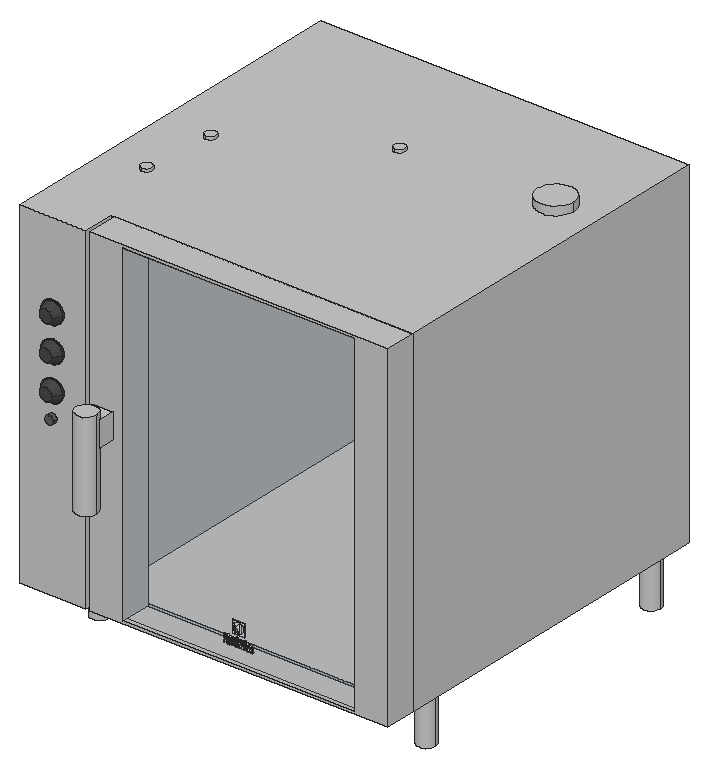
Revit family "QF_ELECTROLUXPROFESSIONAL_260695_EFCE11CSCS", category Attrezzature speciali, Revit 2018
Family settings
  Quota connettore circolare = Usa diametro
  Tipo di parte = Normale
  Basato su piano di lavoro = No
  Sempre verticale = Sì
  Taglio con vuoti quando caricato = No
  Condiviso = No
  Punto di calcolo locali = No
Parameters (values of type "Standard")
  Weight = 121.20 kg
  Watts = 17300 W
  Volts = 230 V
  URL Manufacturer = "https://www.electroluxprofessional.com/"
  URL = "https://www.electroluxprofessional.com/"
  Steam Supply Size = 0 mm
  Steam Supply Minimum Pressure = 0.0 Pa
  Steam Supply Maximum Pressure = 0.0 Pa
  Steam Consumption per Hour = 0
  Show Logo [instance] = yes
  Show Clearance [instance] = yes
  Refrigeration Suction Line Size = 0 mm
  Refrigeration Liquid Line Size = 0 mm
  Refrigerant Compressor Remote = yes
  Produttore = "Electrolux Professional"
  Phase = 3
  Modello = "EFCE11CSCS"
  Length Actual = 890 mm  # constant formula
  Item Number = "260695"
  Hot Water Size = 0 mm
  Height Actual = 970 mm  # constant formula
  HP = "23.2 HP"
  Gas Size = 0 mm
  Gas KW = 0
  Gas Input Pressure = 0 W
  Direct Waste Size = 25 mm
  Descrizione = "CONVECTION OVEN CW 10 GN 1/1 - ELECTRIC - 230V"
  Depth Actual = 900 mm  # constant formula
  Cycle = 50 Hz
  Condensate Return Size = 0 mm
  Compressed Air Volume = 0.0 L/s
  Compressed Air Size = 0 mm
  Compressed Air Pressure = 0.0 Pa
  Cold Water Size = 19.05 mm
  Accessory = yes
Types (2, lengths in mm): name | URL | Produttore | Phase | Modello | Direct Waste Size | Descrizione | Cold Water Size
  (no name) | 0 | 0 | 0 | 0 | 0 | 0 | 0
  Standard | "https://www.electroluxprofessional.com/" | "Electrolux Professional" | 3 | "EFCE11CSCS" | 25 | "CONVECTION OVEN CW 10 GN 1/1 - ELECTRIC - 230V" | 19.05
Values of the unnamed type that differ from the named types
  Weight = 0.00 kg
  Watts = 0 W
  Volts = 0 V
  URL Manufacturer = ""
  Item Number = ""
  HP = ""
  Cycle = 0 Hz
Reference planes
  plane 1 "Center X": y = 24.851
  plane 2: z = 0
  plane 3 "Center Y": x = -315
  plane 4 "LEFT": x = -760
  plane 5 "BACK": y = 479.851
  plane 6 "RIGHT": x = 130
  plane 7 "FRONT": y = -430.149
  plane 8: x = -710
  plane 9: y = 421.851
  plane 10: y = -355.149
  plane 11: x = 80
  plane 12: y = -1111.149
  plane 13: z = 130
  plane 14 "Center Z": z = 950
  plane 15: z = 0
Forms (mm)
  Extrusion 1, solid, material "QF_Finishes_Stainless Steel"
    sketch origin (0, 0, 950) x (-1, 0, 0) y (0, -1, 0)
      loop
        line (760, -479.851) -> (760, 430.149) -> (600, 430.149) -> (600, 355.149) -> (-130, 355.149) -> (-130, -479.851) -> (760, -479.851)
    from 0 to -820
  Extrusion 2, solid, material "QF_Finishes_Stainless Steel"
    sketch origin (0, -430.149, -670) x (-1, 0, 0) y (0, 0, 1)
      loop
        line (590, 1620) -> (-130, 1620) -> (-130, 800) -> (590, 800) -> (590, 1620)
      loop
        line (510, 1615) -> (-50, 1615) -> (-50, 805) -> (510, 805) -> (510, 1615)
    from 0 to 75
  Extrusion 3, solid, material "QF_Finishes_Glass"
    sketch origin (0, -430.149, -670) x (-1, 0, 0) y (0, 0, 1)
      loop
        line (-50, 1615) -> (-50, 805) -> (510, 805) -> (510, 1615) -> (-50, 1615)
    from 0 to 9.69
  Extrusion 4, solid, material "QF_Finishes_Stainless Steel"
    sketch origin (-1, -265, 955) x (0, -1, 0) y (-1, 0, 0)
      loop
        circle (-265.851, 643) r 13.25
    from 0 to 5
  Extrusion 5, solid, material "QF_Door-Drawer Clearances", visible <- "Show Clearance", detail levels coarse
    sketch origin (0, 0, 950) x (-1, 0, 0) y (0, -1, 0)
      loop
        arc (590, 430.149) -> (362.228, 910.45) -> (-130, 1111.149) r 734.22
        line (-130, 1111.149) -> (-130, 430.149) -> (590, 430.149)
    from -820 to 0
  Extrusion 6, solid, material "QF_Finishes_Black"
    sketch origin (24, -430.149, -766.676) x (-1, 0, 0) y (0, 0, 1)
      loop
        circle (704, 1512.5) r 26.676
    from 0 to -3
  Blend 7, solid, material "QF_Finishes_Black"
    base sketch origin (-21, -430.149, -766.676) x (1, 0, 0) y (0, 0, 1)
      loop
        circle (-659, 1512.5) r 25
    top sketch origin (-21, -430.149, -766.676) x (1, 0, 0) y (0, 0, 1)
      loop
        circle (-659, 1512.5) r 15
    from 3 to 21.442
  Extrusion 8, solid, material "QF_Finishes_Black"
    sketch origin (24, -430.149, -851.676) x (-1, 0, 0) y (0, 0, 1)
      loop
        circle (704, 1512.5) r 26.676
    from 0 to -3
  Blend 9, solid, material "QF_Finishes_Black"
    base sketch origin (-21, -430.149, -851.676) x (1, 0, 0) y (0, 0, 1)
      loop
        circle (-659, 1512.5) r 25
    top sketch origin (-21, -430.149, -851.676) x (1, 0, 0) y (0, 0, 1)
      loop
        circle (-659, 1512.5) r 15
    from 3 to 21.442
  Extrusion 10, solid, material "QF_Finishes_Black"
    sketch origin (24, -430.149, -936.676) x (-1, 0, 0) y (0, 0, 1)
      loop
        circle (704, 1512.5) r 26.676
    from 0 to -3
  Blend 11, solid, material "QF_Finishes_Black"
    base sketch origin (-21, -430.149, -936.676) x (1, 0, 0) y (0, 0, 1)
      loop
        circle (-659, 1512.5) r 25
    top sketch origin (-21, -430.149, -936.676) x (1, 0, 0) y (0, 0, 1)
      loop
        circle (-659, 1512.5) r 15
    from 3 to 21.442
  Extrusion 12, solid, material "QF_Finishes_Stainless Steel"
    sketch origin (-18, -437, 955) x (0, -1, 0) y (-1, 0, 0)
      loop
        circle (-265.851, 643) r 13.25
    from 0 to 5
  Extrusion 13, solid, material "QF_Finishes_Stainless Steel"
    sketch origin (309, -81, 955) x (0, -1, 0) y (-1, 0, 0)
      loop
        circle (-265.851, 643) r 13.25
    from 0 to 5
  Extrusion 14, solid, material "QF_Finishes_Stainless Steel"
    sketch origin (0, 0, 575) x (-1, 0, 0) y (0, -1, 0)
      loop
        circle (559.299, 480.149) r 25
    from -193.655 to 20
  Extrusion 15, solid, material "QF_Finishes_Stainless Steel"
    sketch origin (0, 0, 575) x (-1, 0, 0) y (0, -1, 0)
      loop
        line (534.299, 480.149) -> (534.299, 430.149) -> (584.299, 430.149) -> (584.299, 480.149)
        arc (584.299, 480.149) -> (559.299, 455.149) -> (534.299, 480.149) r 25
    from -55.026 to 5
  Extrusion 16, solid, material "QF_Finishes_Dark_Gray"
    sketch origin (25, -480.149, -725) x (-1, 0, 0) y (0, 0, 1)
      loop
        circle (705.941, 1240.523) r 10
    from 40 to 50
  Extrusion 17, solid, material "QF_Finishes_Stainless Steel"
    sketch origin (67.965, -53.34, 950) x (-1, 0, 0) y (0, -1, 0)
      loop
        circle (37.965, -256.191) r 43
    from 0 to 20
  Extrusion 18, void
    sketch origin (-600, -680.149, 1750) x (-1, 0, 0) y (0, 0, 1)
      loop
        line (0, -818.82) -> (-650, -818.82) -> (-650, -1610) -> (0, -1610) -> (0, -818.82)
    from 325 to 1102
Cuts and joins
  Extrusion 18 cuts Extrusion 1
Lines and regions (mm)
  Split face 1
    outline origin (-760, -430.149, 950) x (0, 0, -1) y (1, 0, 0)
      loop
        line (5, 15) -> (815, 15) -> (815, 145) -> (5, 145) -> (5, 15)
  Split face 2
    outline origin (-776.25, -430.149, 941.25) x (0, 0, -1) y (1, 0, 0)
      loop
        line (447.5, 78.5) -> (463.75, 78.5) -> (463.75, 113.5) -> (447.5, 113.5) -> (447.5, 78.5)
  Split face 3
    outline origin (30, -430.149, 135) x (1, 0, 0) y (0, 0, 1)
      loop
        line (-526.223, 92.039) -> (-375, 92.039) -> (-346.716, 120.323) -> (-260, 120.323) -> (-173.284, 120.323) -> (-145, 92.039) -> (6.223, 92.039) -> (6.223, 732.039) -> (-526.223, 732.039) -> (-526.223, 92.039)
  Split face 4
    outline origin (-760, -430.149, 950) x (0, 0, -1) y (1, 0, 0)
      loop
        line (770, 15) -> (770, 145)
  Split face 5
    outline origin (-640, -430.149, 950) x (-1, 0, 0) y (0, 0, -1)
      loop
        line (105, 50) -> (-25, 50)
  symbolic lines
    curve 1: line (-760, -430.149, 1620) -> (-760, 479.851, 1620)
    curve 2: line (-760, 479.851, 1620) -> (130, 479.851, 1620)
    curve 3: line (-600, -355.149, 1620) -> (130, -355.149, 1620)
    curve 4: line (-600, -355.149, 1620) -> (-600, -430.149, 1620)
    curve 5: line (-760, -430.149, 1620) -> (130, -430.149, 1620)
    curve 6: line (-706.676, -433.149, 1620) -> (-653.324, -433.149, 1620)
    curve 7: line (-695, -451.591, 1620) -> (-665, -451.591, 1620)
    curve 8: line (-706.676, -433.149, 1620) -> (-706.676, -430.149, 1620)
    curve 9: line (-653.324, -433.149, 1620) -> (-653.324, -430.149, 1620)
    curve 10: line (-695, -451.591, 1620) -> (-705, -433.149, 1620)
    curve 11: line (-665, -451.591, 1620) -> (-655.006, -433.149, 1620)
    curve 12: line (130, 479.851, 1620) -> (130, -430.149, 1620)
    curve 15: arc (-534.299, -480.149, 1620) -> (-559.299, -455.149, 1620) -> (-584.299, -480.149, 1620) r 25
    curve 16: arc (-584.299, -480.149, 1620) -> (-559.299, -505.149, 1620) -> (-534.299, -480.149, 1620) r 25
    curve 17: line (-534.299, -480.149, 1620) -> (-534.299, -430.149, 1620)
    curve 18: line (-584.299, -430.149, 1620) -> (-584.299, -480.149, 1620)
    curve 19: arc (73, 202.851, 1620) -> (30, 245.851, 1620) -> (-13, 202.851, 1620) r 43
    curve 20: arc (-13, 202.851, 1620) -> (30, 159.851, 1620) -> (73, 202.851, 1620) r 43
  symbolic lines, style "QF_Door-Drawer Clearances"
    curve 13: line (130, -1111.149, 1620) -> (130, -430.149, 1620)
    curve 14: arc (-590, -430.149, 1620) -> (-362.228, -910.45, 1620) -> (130, -1111.149, 1620) r 734.22
Dimensions and locks
  equal spacing: plane 4 "LEFT", plane 3 "Center Y", plane 6 "RIGHT"
  plane 4 "LEFT" to plane 6 "RIGHT" = 890 mm
  plane 5 "BACK" to plane 7 "FRONT" = 910 mm
  equal spacing: plane 5 "BACK", plane 1 "Center X", plane 7 "FRONT"
  plane 5 "BACK" to plane 12 = 1591 mm
  plane 13 to plane 15 = 130 mm
  plane 14 "Center Z" to plane 13 = 820 mm
  plane 14 "Center Z" to plane 15 = 950 mm
  aligned and locked: level to plane 2
  aligned and locked: plane 13 to nested 1
  aligned and locked: plane 13 to nested 2
  aligned and locked: plane 13 to nested 4
  aligned and locked: plane 13 to nested 3
  aligned and locked: Extrusion 1 to plane 13
  aligned and locked: Blend 7 to Extrusion 6
  aligned and locked: Blend 9 to Extrusion 8
  aligned and locked: Blend 11 to Extrusion 10
Automatic sketch dimensions
  curve 15 to curve 16 = 0 mm  (x2)
  curve 19 to curve 20 = 0 mm  (x2)
  curve 14 to plane 6 "RIGHT" = 0 mm
  curve 17 to plane 7 "FRONT" = 0 mm
  curve 4 to plane 10 = 0 mm
  curve 1 to plane 4 "LEFT" = 0 mm
  curve 1 to plane 5 "BACK" = 0 mm
  curve 13 to plane 12 = 0 mm
  plane 6 "RIGHT" to curve 14 = 12.296 mm
  curve 20 to plane 11 = 50 mm
  curve 17 to plane 7 "FRONT" = 50 mm
  plane 8 to curve 17 = 175.701 mm
  curve 15 to curve 16 = 25 mm
  curve 18 to curve 4 = 15.701 mm
  curve 9 to plane 7 "FRONT" = 3 mm
  curve 4 to curve 9 = 53.324 mm
  curve 6 to curve 7 = 11.676 mm
  plane 8 to curve 7 = 15 mm
  plane 8 to curve 8 = 3.324 mm
  curve 20 to plane 1 "Center X" = 178 mm
  curve 14 to plane 10 = 21.883 mm
  curve 10 to curve 10 = 18.442 mm
  curve 19 to plane 11 = 7 mm
  curve 6 to curve 11 = 1.682 mm
  curve 10 to curve 6 = 1.676 mm
  Extrusion 1 sketch curve to plane 5 "BACK" = 0 mm
  Extrusion 1 sketch curve to plane 6 "RIGHT" = 0 mm
  Extrusion 1 sketch curve to plane 10 = 0 mm
  Extrusion 1 sketch curve to plane 7 "FRONT" = 0 mm
  Extrusion 1 sketch curve to plane 4 "LEFT" = 0 mm
  plane 8 to Extrusion 1 sketch curve = 110 mm
  Extrusion 2 sketch curve to plane 6 "RIGHT" = 0 mm
  Extrusion 2 sketch curve to plane 13 = 0 mm
  Extrusion 2 sketch curve to plane 14 "Center Z" = 0 mm
  plane 13 to Extrusion 2 sketch curve = 5 mm
  Extrusion 2 sketch curve to plane 11 = 30 mm
  Extrusion 2 sketch curve to plane 14 "Center Z" = 5 mm
  Extrusion 2 sketch curve to plane 3 "Center Y" = 195 mm
  Extrusion 2 sketch curve to Extrusion 2 sketch curve = 80 mm
  plane 13 to Extrusion 3 sketch curve = 5 mm
  Extrusion 3 sketch curve to plane 11 = 30 mm
  Extrusion 3 sketch curve to plane 3 "Center Y" = 195 mm  (x2)
  Extrusion 3 sketch curve to plane 14 "Center Z" = 5 mm
  plane 1 "Center X" to Extrusion 4 sketch curve = 24 mm
  plane 8 to Extrusion 4 sketch curve = 66 mm
  Extrusion 5 sketch curve to plane 6 "RIGHT" = 0 mm
  Extrusion 5 sketch curve to plane 7 "FRONT" = 0 mm
  Extrusion 5 sketch curve to plane 12 = 0 mm
  plane 6 "RIGHT" to Extrusion 5 sketch curve = 12.296 mm
  plane 8 to Extrusion 5 sketch curve = 120 mm
  Split face 1 sketch curve to Extrusion 1 = 5 mm  (x2)
  Split face 1 sketch curve to Extrusion 1 = 15 mm  (x2)
  plane 8 to Extrusion 6 sketch curve = 30 mm
  Extrusion 2 to Blend 7 sketch curve = 90 mm  (x2)
  Extrusion 2 to Blend 7 sketch curve = 199.176 mm  (x2)
  plane 8 to Extrusion 8 sketch curve = 30 mm
  Extrusion 2 to Blend 9 sketch curve = 90 mm  (x2)
  Extrusion 2 to Blend 9 sketch curve = 284.176 mm  (x2)
  plane 8 to Extrusion 10 sketch curve = 30 mm
  Extrusion 2 to Blend 11 sketch curve = 90 mm  (x2)
  Extrusion 2 to Blend 11 sketch curve = 369.176 mm  (x2)
  Split face 2 sketch curve to Extrusion 1 = 62.75 mm
  Split face 2 sketch curve to Extrusion 1 = 363.75 mm
  Split face 2 sketch curve to Split face 2 sketch curve = 16.25 mm
  Split face 2 sketch curve to Split face 2 sketch curve = 35 mm
  plane 8 to Extrusion 12 sketch curve = 49 mm
  plane 10 to Extrusion 12 sketch curve = 184 mm
  Extrusion 13 sketch curve to plane 3 "Center Y" = 19 mm
  Extrusion 13 sketch curve to plane 1 "Center X" = 160 mm
  Extrusion 14 sketch curve to plane 7 "FRONT" = 50 mm
  plane 8 to Extrusion 14 sketch curve = 150.701 mm
  Extrusion 15 sketch curve to plane 7 "FRONT" = 0 mm
  plane 8 to Extrusion 15 sketch curve = 175.701 mm
  Extrusion 15 sketch curve to Extrusion 15 sketch curve = 25 mm
  Extrusion 15 sketch curve to plane 7 "FRONT" = 50 mm
  Split face 3 sketch curve to Extrusion 3 = 13.777 mm  (x2)
  Split face 3 sketch curve to Split face 3 sketch curve = 151.223 mm
  Split face 3 sketch curve to Split face 3 sketch curve = 28.284 mm  (x3)
  Split face 3 sketch curve to Split face 3 sketch curve = 86.716 mm  (x2)
  Split face 3 sketch curve to Extrusion 3 = 92.039 mm  (x2)
  Split face 3 sketch curve to Extrusion 3 = 77.961 mm
  Split face 4 sketch curve to Extrusion 1 = 15 mm  (x2)
  Split face 4 sketch curve to Extrusion 1 = 50 mm
  plane 8 to Extrusion 16 sketch curve = 29.059 mm
  Extrusion 17 sketch curve to plane 11 = 50 mm
  Extrusion 17 sketch curve to plane 1 "Center X" = 178 mm
  Split face 5 sketch curve to Extrusion 1 = 15 mm  (x2)
  Split face 5 sketch curve to Extrusion 1 = 50 mm
  Extrusion 6 sketch curve to plane 14 "Center Z" = 204.176 mm
  Extrusion 8 sketch curve to plane 14 "Center Z" = 289.176 mm
  Extrusion 10 sketch curve to plane 14 "Center Z" = 374.176 mm
  plane 13 to Extrusion 16 sketch curve = 385.523 mm
  Extrusion 18 sketch curve to plane 11 = 30 mm
  plane 13 to Extrusion 18 sketch curve = 10 mm
  plane 8 to Extrusion 18 sketch curve = 110 mm
  Extrusion 18 sketch curve to plane 14 "Center Z" = 18.82 mm
  radius of Extrusion 4 sketch curve = 13.25 mm
  radius of Extrusion 6 sketch curve = 26.676 mm
  radius of Blend 7 sketch curve = 25 mm
  radius of Blend 7 sketch curve = 15 mm
  radius of Extrusion 8 sketch curve = 26.676 mm
  radius of Blend 9 sketch curve = 25 mm
  radius of Blend 9 sketch curve = 15 mm
  radius of Extrusion 10 sketch curve = 26.676 mm
  radius of Blend 11 sketch curve = 25 mm
  radius of Blend 11 sketch curve = 15 mm
  radius of Extrusion 12 sketch curve = 13.25 mm
  radius of Extrusion 13 sketch curve = 13.25 mm
  radius of Extrusion 14 sketch curve = 25 mm
  radius of Extrusion 16 sketch curve = 10 mm
  radius of Extrusion 17 sketch curve = 43 mm
Nested families
  nested 1: "Foot" at (-710, -250.149, 0), type "Foot"
    with Ø 22 mm, H 130 mm
  nested 2: "Foot" at (80, -250.149, 0), type "Foot"
    with Ø 22 mm, H 130 mm
  nested 3: "Foot" at (80, 429.851, 0), type "Foot"
    with Ø 22 mm, H 130 mm
  nested 4: "Foot" at (-710, 429.851, 0), type "Foot"
    with Ø 22 mm, H 130 mm
  nested 5: "ELX_Pro_Logo" at (-230, -430.149, 201.012) x (1, 0, 0) z (0, -1, 0), type "ELX_Pro_Logo"
Connectors
  piping at (-334, 184.851, 955), diameter 26.4
    settings: on Extrusion 13, index 6, connector inside diameter 609.6 mm, connector length 0 mm, flow factor 0, pipe flow 0.0 L/s, pressure drop 0.0 Pa, fitting loss kfactor 0, connector angle 0.00°, fixture units 0, engagement length 0 mm, angle of deflection 0.00°, flow configuration 0, flow direction 0, fitting loss method 0, system type 16, joint type 0, gender type 0, connector reference index -1, connector utility 0, adjustable connector no, is connector primary yes, connector description ""
  electrical at (-661, -171.149, 955)
    settings: on Extrusion 12, index 7, voltage 0 V, apparent load 0 VA, apparent load phase1 0 VA, apparent load phase2 0 VA, apparent load phase3 0 VA, power factor 1, load classification "Altro", number of poles 1, system type 30, power factor state 1, is connector primary yes, connector utility no, sub classification motor no, connector description ""
  piping at (-644, 0.851, 955), diameter 19.05, driven by "Cold Water Size"
    settings: on Extrusion 4, index 8, connector inside diameter 609.6 mm, connector length 0 mm, flow factor 0, pipe flow 0.0 L/s, pressure drop 0.0 Pa, fitting loss kfactor 0, connector angle 0.00°, fixture units 0, engagement length 0 mm, angle of deflection 0.00°, flow configuration 0, flow direction 0, fitting loss method 0, system type 20, joint type 0, gender type 0, connector reference index -1, connector utility 0, adjustable connector no, is connector primary no, connector description "Cold Water Inlet"
Definition of nested family "Foot"
  Parameters
    Ø [instance] = 20 mm
    H [instance] = 50 mm
  Reference planes
    plane 1 "Centro (Fronte/Retro)": y = 0
    plane 2: z = 0
    plane 3 "Centro (Sinistra/Destra)": x = 0
    plane 4: z = 50
  Forms (mm)
    Revolve 1, solid
      sketch origin (255.05, 0, 608.09) x (0, 0, 1) y (-1, 0, 0)
        loop
          line (-608.09, 255.05) -> (-608.09, 235.05) -> (-558.09, 235.05) -> (-558.09, 255.05) -> (-608.09, 255.05)
        axis (-608.09, 255.05) -> (-558.09, 255.05)
      angle from 0 to 360
  Dimensions and locks
    "H": plane 4 to plane 2
    "Ø": Revolve 1 sketch curve to Revolve 1 sketch curve
    aligned and locked: level to plane 2
    aligned and locked: plane 4 to Revolve 1 sketch curve
    aligned and locked: Revolve 1 sketch curve to level
    aligned and locked: plane 3 "Centro (Sinistra/Destra)" to Revolve 1 sketch curve
  Automatic sketch dimensions
    Revolve 1 sketch curve to plane 3 "Centro (Sinistra/Destra)" = 0 mm
    Revolve 1 sketch curve to Revolve 1 sketch curve = 50 mm
    Revolve 1 sketch curve to Revolve 1 sketch curve = 20 mm
Definition of nested family "ELX_Pro_Logo"
  Parameters (values of type "ELX_Pro_Logo")
    M = none
    Default Elevation = 0 mm
  Reference planes
    plane 1 "Centro (Fronte/Retro)": y = 0
    plane 2: z = 0
    plane 3 "Centro (Sinistra/Destra)": x = 0
  Forms (mm)
    Extrusion 1, solid
      sketch origin (0, 0, 0) x (1, 0, 0) y (0, 1, 0)
        loop
          line (-1219.2, 1219.2) -> (-1219.2, -1219.2) -> (1219.2, -1219.2) -> (1219.2, 1219.2) -> (-1219.2, 1219.2)
      from 0 to -304.8
    Extrusion 2, solid, material <- "M"
      sketch origin (-144.622, -1081.55, 0) x (-1, 0, 0) y (0, -1, 0)
        loop
          line (-111.329, -1069.559) -> (-111.329, -1071.073) -> (-116.048, -1071.073) -> (-116.048, -1072.896) -> (-111.328, -1072.896) -> (-111.328, -1075.549) -> (-116.349, -1075.549) -> (-116.349, -1077.368) -> (-109.396, -1077.368) -> (-109.396, -1073.46) -> (-109.396, -1069.659)
          arc (-109.396, -1069.659) -> (-110.425, -1067.175) -> (-112.909, -1066.146) r 3.513
          line (-112.909, -1066.146) -> (-116.483, -1066.146) -> (-116.483, -1067.963) -> (-112.925, -1067.963)
          arc (-112.925, -1067.963) -> (-111.797, -1068.431) -> (-111.329, -1069.559) r 1.596
        loop
          line (-119.79, -1077.358) -> (-117.856, -1077.358) -> (-117.856, -1072.053) -> (-117.856, -1066.132) -> (-119.79, -1066.132) -> (-119.79, -1072.092) -> (-119.79, -1077.358)
        loop
          line (-122.986, -1069.718) -> (-129.327, -1069.718)
          arc (-129.327, -1069.718) -> (-129.219, -1071.449) -> (-128.497, -1073.026) r 4.757
          arc (-128.497, -1073.026) -> (-125.237, -1074.5) -> (-121.978, -1073.026) r 4.34
          arc (-121.978, -1073.026) -> (-121.072, -1070.207) -> (-121.978, -1067.388) r 4.838
          arc (-121.978, -1067.388) -> (-125.393, -1065.933) -> (-128.809, -1067.388) r 4.737
          line (-128.809, -1067.388) -> (-127.645, -1068.52)
          arc (-127.645, -1068.52) -> (-125.509, -1067.576) -> (-123.374, -1068.52) r 2.888
          arc (-123.374, -1068.52) -> (-123.05, -1069.077) -> (-122.986, -1069.718) r 1.527
        loop
          arc (-127.386, -1071.076) -> (-126.67, -1072.331) -> (-125.331, -1072.872) r 2.201
          arc (-125.331, -1072.872) -> (-123.848, -1072.402) -> (-123.033, -1071.076) r 2.23
          line (-123.033, -1071.076) -> (-127.386, -1071.076)
        loop
          line (-136.862, -1071.886) -> (-138.059, -1073.132)
          arc (-138.059, -1073.132) -> (-130.327, -1070.219) -> (-138.059, -1067.306) r 4.415
          line (-138.059, -1067.306) -> (-136.862, -1068.553)
          arc (-136.862, -1068.553) -> (-132.252, -1070.22) -> (-136.862, -1071.886) r 2.606
        loop
          line (-141.192, -1069.673) -> (-141.192, -1072.494) -> (-142.951, -1072.494) -> (-142.951, -1074.25) -> (-141.195, -1074.25) -> (-141.195, -1077.358) -> (-139.262, -1077.358) -> (-139.262, -1073.332) -> (-139.262, -1069.514)
          arc (-139.262, -1069.514) -> (-140.299, -1066.92) -> (-142.98, -1066.132) r 3.196
          line (-142.98, -1066.132) -> (-142.987, -1067.949)
          arc (-142.987, -1067.949) -> (-141.652, -1068.356) -> (-141.192, -1069.673) r 1.542
        loop
          line (-146.494, -1073.042) -> (-146.494, -1074.25) -> (-144.576, -1074.25) -> (-144.576, -1070.271) -> (-144.576, -1066.132) -> (-146.494, -1066.132) -> (-146.494, -1070.401)
          arc (-146.494, -1070.401) -> (-147.446, -1072.228) -> (-149.489, -1072.494) r 2.229
          line (-149.489, -1072.494) -> (-149.489, -1074.362)
          arc (-149.489, -1074.362) -> (-147.761, -1074.226) -> (-146.494, -1073.042) r 2.627
        loop
          line (-159.833, -1072.246) -> (-159.833, -1066.131) -> (-161.767, -1066.131) -> (-161.767, -1072.17) -> (-161.767, -1077.359) -> (-159.833, -1077.359) -> (-159.833, -1072.246)
        loop
          line (-165.194, -1069.514) -> (-165.194, -1074.25) -> (-163.245, -1074.25) -> (-163.245, -1071.898) -> (-163.245, -1069.098)
          arc (-163.245, -1069.098) -> (-166.96, -1065.769) -> (-170.687, -1069.085) r 3.745
          line (-170.687, -1069.085) -> (-170.687, -1071.898) -> (-170.687, -1074.25) -> (-168.739, -1074.25) -> (-168.739, -1069.514)
          arc (-168.739, -1069.514) -> (-166.967, -1067.742) -> (-165.194, -1069.514) r 1.772
        loop
          line (-174.654, -1070.416) -> (-172.975, -1068.078) -> (-171.578, -1066.131) -> (-173.656, -1066.131) -> (-175.717, -1068.999) -> (-177.779, -1066.131) -> (-179.857, -1066.131) -> (-178, -1068.728) -> (-176.781, -1070.433) -> (-178.29, -1072.488) -> (-179.583, -1074.25) -> (-177.473, -1074.25) -> (-175.717, -1071.818) -> (-173.945, -1074.25) -> (-171.852, -1074.25) -> (-173.052, -1072.608) -> (-174.654, -1070.416)
        loop
          circle (-154.223, -1070.188) r 2.508
        loop
          circle (-154.223, -1070.188) r 4.42
        loop
          line (-110.224, -1058.542) -> (-111.194, -1058.542)
          arc (-111.194, -1058.542) -> (-112.217, -1059.95) -> (-110.924, -1061.114) r 1.3
          line (-110.924, -1061.114) -> (-109.424, -1061.114) -> (-109.424, -1057.223) -> (-110.224, -1057.223) -> (-110.224, -1058.542)
        loop
          line (-110.224, -1060.379) -> (-110.224, -1059.293) -> (-111.03, -1059.293)
          arc (-111.03, -1059.293) -> (-111.43, -1059.836) -> (-111.03, -1060.379) r 0.569
          line (-111.03, -1060.379) -> (-110.224, -1060.379)
        loop
          line (-116.302, -1058.564) -> (-117.128, -1058.564) -> (-117.934, -1057.223) -> (-118.841, -1057.223) -> (-117.833, -1058.884)
          arc (-117.833, -1058.884) -> (-118.214, -1060.282) -> (-117.028, -1061.114) r 1.26
          line (-117.028, -1061.114) -> (-115.503, -1061.114) -> (-115.503, -1057.223) -> (-116.302, -1057.223) -> (-116.302, -1058.564)
        loop
          line (-116.302, -1060.379) -> (-116.302, -1059.293) -> (-117.109, -1059.293)
          arc (-117.109, -1059.293) -> (-117.508, -1059.836) -> (-117.109, -1060.379) r 0.569
          line (-117.109, -1060.379) -> (-116.302, -1060.379)
        loop
          line (-128.923, -1057.223) -> (-129.723, -1057.223) -> (-129.723, -1058.714) -> (-131.187, -1058.714) -> (-131.187, -1059.514) -> (-129.723, -1059.514) -> (-129.723, -1060.314) -> (-131.327, -1060.314) -> (-131.327, -1061.114) -> (-128.923, -1061.114) -> (-128.923, -1057.223)
        loop
          arc (-134.628, -1058.469) -> (-134.992, -1057.588) -> (-135.874, -1057.223) r 1.246
          line (-135.874, -1057.223) -> (-137.13, -1057.223) -> (-137.13, -1058.023) -> (-135.969, -1058.023)
          arc (-135.969, -1058.023) -> (-135.53, -1058.237) -> (-135.427, -1058.714) r 0.558
          line (-135.427, -1058.714) -> (-136.984, -1058.714) -> (-136.984, -1059.514) -> (-135.427, -1059.514) -> (-135.427, -1060.314) -> (-137.092, -1060.314) -> (-137.092, -1061.114) -> (-134.628, -1061.114) -> (-134.628, -1058.469)
        loop
          line (-152.3, -1057.223) -> (-153.1, -1057.223) -> (-153.1, -1061.114) -> (-152.3, -1061.114) -> (-152.3, -1057.223)
        loop
          line (-164.67, -1057.223) -> (-164.67, -1059.67) -> (-166.45, -1057.223) -> (-167.25, -1057.223) -> (-167.25, -1061.114) -> (-166.42, -1061.114) -> (-166.42, -1058.594) -> (-164.64, -1061.114) -> (-163.84, -1061.114) -> (-163.84, -1057.223) -> (-164.67, -1057.223)
        loop
          line (-170.403, -1057.223) -> (-171.262, -1057.223) -> (-171.641, -1058.063) -> (-173.08, -1058.063) -> (-173.459, -1057.223) -> (-174.317, -1057.223) -> (-172.796, -1061.113) -> (-171.996, -1061.113) -> (-170.403, -1057.223)
        loop
          line (-177.493, -1057.223) -> (-179.789, -1057.223) -> (-179.789, -1058.023) -> (-178.293, -1058.023) -> (-178.293, -1061.114) -> (-177.493, -1061.114) -> (-177.493, -1057.223)
        loop
          line (-172.362, -1059.848) -> (-171.945, -1058.83) -> (-172.76, -1058.83) -> (-172.362, -1059.848)
        loop
          circle (-158.484, -1059.145) r 1.288
        loop
          circle (-158.484, -1059.145) r 2.065
        loop
          arc (-146.04, -1058.095) -> (-146.933, -1057.275) -> (-148.145, -1057.245) r 1.725
          arc (-148.145, -1057.245) -> (-148.965, -1058.02) -> (-148.68, -1059.111) r 1.107
          arc (-148.68, -1059.111) -> (-148.103, -1059.465) -> (-147.486, -1059.746) r 5.523
          arc (-147.486, -1059.746) -> (-147.147, -1060.262) -> (-147.708, -1060.52) r 0.407
          arc (-147.708, -1060.52) -> (-148.045, -1060.315) -> (-148.325, -1060.038) r 1.702
          line (-148.325, -1060.038) -> (-149.011, -1060.45)
          arc (-149.011, -1060.45) -> (-148.578, -1060.911) -> (-148.043, -1061.247) r 2.463
          arc (-148.043, -1061.247) -> (-146.373, -1060.466) -> (-147.42, -1058.949) r 1.207
          spline (-147.42, -1058.949) -> (-147.716, -1058.809) -> (-147.932, -1058.678) -> (-148.077, -1058.557) -> (-148.163, -1058.446) -> (-148.198, -1058.347) -> (-148.192, -1058.258) -> (-148.157, -1058.182) -> (-148.102, -1058.118) -> (-148.037, -1058.068) -> (-147.972, -1058.031) -> (-147.917, -1058.008) -> (-147.883, -1058)
          arc (-147.883, -1058) -> (-147.238, -1058.014) -> (-146.759, -1058.446) r 0.925
          line (-146.759, -1058.446) -> (-146.04, -1058.095)
        loop
          arc (-140.18, -1058.095) -> (-141.073, -1057.275) -> (-142.285, -1057.245) r 1.725
          arc (-142.285, -1057.245) -> (-143.106, -1058.02) -> (-142.821, -1059.111) r 1.107
          arc (-142.821, -1059.111) -> (-142.243, -1059.465) -> (-141.627, -1059.746) r 5.523
          arc (-141.627, -1059.746) -> (-141.287, -1060.262) -> (-141.849, -1060.52) r 0.407
          arc (-141.849, -1060.52) -> (-142.185, -1060.315) -> (-142.466, -1060.038) r 1.702
          line (-142.466, -1060.038) -> (-143.151, -1060.45)
          arc (-143.151, -1060.45) -> (-142.719, -1060.911) -> (-142.183, -1061.247) r 2.463
          arc (-142.183, -1061.247) -> (-140.513, -1060.466) -> (-141.56, -1058.949) r 1.207
          spline (-141.56, -1058.949) -> (-141.856, -1058.809) -> (-142.072, -1058.678) -> (-142.218, -1058.557) -> (-142.303, -1058.446) -> (-142.338, -1058.347) -> (-142.333, -1058.258) -> (-142.298, -1058.182) -> (-142.242, -1058.118) -> (-142.177, -1058.068) -> (-142.112, -1058.031) -> (-142.057, -1058.008) -> (-142.023, -1058)
          arc (-142.023, -1058) -> (-141.378, -1058.014) -> (-140.9, -1058.446) r 0.925
          line (-140.9, -1058.446) -> (-140.18, -1058.095)
        loop
          circle (-123.484, -1059.145) r 1.288
        loop
          circle (-123.484, -1059.145) r 2.065
        loop
          line (-130.225, -1113.361) -> (-130.225, -1084.645) -> (-158.979, -1084.645) -> (-158.979, -1113.361) -> (-130.225, -1113.361)
        loop
          arc (-148.442, -1086.055) -> (-157.992, -1098.973) -> (-148.442, -1111.892) r 13.512
          line (-148.442, -1111.892) -> (-148.442, -1086.055)
        loop
          line (-147.127, -1086.055) -> (-147.127, -1087.926)
          arc (-147.127, -1087.926) -> (-143.116, -1095.125) -> (-135.48, -1098.224) r 12.412
          line (-135.48, -1098.224) -> (-131.205, -1098.224)
          arc (-131.205, -1098.224) -> (-136.382, -1088.497) -> (-147.127, -1086.055) r 13.242
        loop
          line (-147.127, -1110.021) -> (-147.127, -1112.224)
          arc (-147.127, -1112.224) -> (-136.374, -1109.53) -> (-131.205, -1099.722) r 13.588
          line (-131.205, -1099.722) -> (-135.48, -1099.722)
          arc (-135.48, -1099.722) -> (-143.116, -1102.822) -> (-147.127, -1110.021) r 12.412
      from 0 to 1.6
  Lines and regions (mm)
    symbolic lines
      curve 1: line (-14.357, 31.811, 0) -> (14.357, 31.811, 0)
      curve 2: line (-14.357, 3.095, 0) -> (-14.357, 31.811, 0)
      curve 3: line (14.357, 3.095, 0) -> (-14.357, 3.095, 0)
      curve 4: line (14.357, 31.811, 0) -> (14.357, 3.095, 0)
      curve 5: line (-8.32, 7.722, 0) -> (-9.387, 8.738, 0)
      curve 6: line (-9.387, 8.738, 0) -> (-10.331, 9.866, 0)
      curve 7: line (-10.331, 9.866, 0) -> (-11.141, 11.095, 0)
      curve 8: line (-11.141, 11.095, 0) -> (-11.805, 12.411, 0)
      curve 9: line (-11.805, 12.411, 0) -> (-12.31, 13.803, 0)
      curve 10: line (-12.31, 13.803, 0) -> (-12.646, 15.26, 0)
      curve 11: line (-12.646, 15.26, 0) -> (-12.8, 16.77, 0)
      curve 12: line (-12.8, 16.77, 0) -> (-10.081, 16.77, 0)
      curve 13: line (-10.081, 16.77, 0) -> (-8.466, 16.661, 0)
      curve 14: line (-8.466, 16.661, 0) -> (-6.88, 16.344, 0)
      curve 15: line (-6.88, 16.344, 0) -> (-5.345, 15.833, 0)
      curve 16: line (-5.345, 15.833, 0) -> (-3.882, 15.143, 0)
      curve 17: line (-3.882, 15.143, 0) -> (-2.511, 14.288, 0)
      curve 18: line (-2.511, 14.288, 0) -> (-1.255, 13.283, 0)
      curve 19: line (-1.255, 13.283, 0) -> (-0.135, 12.143, 0)
      curve 20: line (-0.135, 12.143, 0) -> (0.83, 10.882, 0)
      curve 21: line (0.83, 10.882, 0) -> (1.616, 9.515, 0)
      curve 22: arc (1.616, 9.515, 0) -> (2.419, 7.28, 0) -> (2.7, 4.923, 0) r 10.532
      curve 23: arc (2.7, 4.923, 0) -> (1.362, 4.715, 0) -> (0.011, 4.633, 0) r 14.39
      curve 24: line (0.011, 4.633, 0) -> (-1.56, 4.731, 0)
      curve 25: line (-1.56, 4.731, 0) -> (-3.062, 5.011, 0)
      curve 26: line (-3.062, 5.011, 0) -> (-4.502, 5.462, 0)
      curve 27: line (-4.502, 5.462, 0) -> (-5.866, 6.072, 0)
      curve 28: line (-5.866, 6.072, 0) -> (-7.142, 6.829, 0)
      curve 29: line (-7.142, 6.829, 0) -> (-8.32, 7.722, 0)
      curve 30: line (-10.802, 24.24, 0) -> (-9.872, 25.531, 0)
      curve 31: line (-9.872, 25.531, 0) -> (-8.796, 26.699, 0)
      curve 32: line (-8.796, 26.699, 0) -> (-7.587, 27.728, 0)
      curve 33: line (-7.587, 27.728, 0) -> (-6.258, 28.602, 0)
      curve 34: line (-6.258, 28.602, 0) -> (-4.823, 29.309, 0)
      curve 35: line (-4.823, 29.309, 0) -> (-3.293, 29.832, 0)
      curve 36: line (-3.293, 29.832, 0) -> (-1.683, 30.156, 0)
      curve 37: arc (-1.683, 30.156, 0) -> (0.517, 30.256, 0) -> (2.702, 29.984, 0) r 13.008
      curve 38: arc (2.702, 29.984, 0) -> (2.453, 27.616, 0) -> (1.617, 25.387, 0) r 9.395
      curve 39: line (1.617, 25.387, 0) -> (0.83, 24.018, 0)
      curve 40: line (0.83, 24.018, 0) -> (-0.134, 22.756, 0)
      curve 41: line (-0.134, 22.756, 0) -> (-1.255, 21.615, 0)
      curve 42: line (-1.255, 21.615, 0) -> (-2.512, 20.609, 0)
      curve 43: line (-2.512, 20.609, 0) -> (-3.882, 19.754, 0)
      curve 44: line (-3.882, 19.754, 0) -> (-5.346, 19.063, 0)
      curve 45: line (-5.346, 19.063, 0) -> (-6.881, 18.551, 0)
      curve 46: line (-6.881, 18.551, 0) -> (-8.467, 18.234, 0)
      curve 47: line (-8.467, 18.234, 0) -> (-10.083, 18.125, 0)
      curve 48: line (-10.083, 18.125, 0) -> (-12.798, 18.125, 0)
      curve 49: line (-12.798, 18.125, 0) -> (-12.584, 19.768, 0)
      curve 50: line (-12.584, 19.768, 0) -> (-12.171, 21.343, 0)
      curve 51: line (-12.171, 21.343, 0) -> (-11.572, 22.839, 0)
      curve 52: line (-11.572, 22.839, 0) -> (-10.802, 24.24, 0)
      curve 53: line (4.048, 5.294, 0) -> (4.048, 29.617, 0)
      curve 54: line (4.048, 29.617, 0) -> (5.525, 29.026, 0)
      curve 55: line (5.525, 29.026, 0) -> (6.905, 28.26, 0)
      curve 56: line (6.905, 28.26, 0) -> (8.174, 27.332, 0)
      curve 57: line (8.174, 27.332, 0) -> (9.318, 26.256, 0)
      curve 58: line (9.318, 26.256, 0) -> (10.323, 25.046, 0)
      curve 59: line (10.323, 25.046, 0) -> (11.177, 23.715, 0)
      curve 60: line (11.177, 23.715, 0) -> (11.865, 22.277, 0)
      curve 61: line (11.865, 22.277, 0) -> (12.375, 20.746, 0)
      curve 62: line (12.375, 20.746, 0) -> (12.693, 19.135, 0)
      curve 63: line (12.693, 19.135, 0) -> (12.804, 17.459, 0)
      curve 64: line (12.804, 17.459, 0) -> (12.702, 15.807, 0)
      curve 65: line (12.702, 15.807, 0) -> (12.396, 14.216, 0)
      curve 66: line (12.396, 14.216, 0) -> (11.897, 12.7, 0)
      curve 67: line (11.897, 12.7, 0) -> (11.218, 11.271, 0)
      curve 68: line (11.218, 11.271, 0) -> (10.372, 9.944, 0)
      curve 69: line (10.372, 9.944, 0) -> (9.37, 8.731, 0)
      curve 70: line (9.37, 8.731, 0) -> (8.224, 7.646, 0)
      curve 71: line (8.224, 7.646, 0) -> (6.947, 6.703, 0)
      curve 72: line (6.947, 6.703, 0) -> (5.551, 5.914, 0)
      curve 73: line (5.551, 5.914, 0) -> (4.048, 5.294, 0)
      curve 74: line (-35.227, -8.09, 0) -> (-35.227, -11.891, 0)
      curve 75: arc (-35.227, -11.891, 0) -> (-34.198, -14.375, 0) -> (-31.714, -15.404, 0) r 3.513
      curve 76: line (-31.714, -15.404, 0) -> (-28.139, -15.404, 0)
      curve 77: line (-28.139, -15.404, 0) -> (-28.139, -13.587, 0)
      curve 78: line (-28.139, -13.587, 0) -> (-31.697, -13.587, 0)
      curve 79: arc (-31.697, -13.587, 0) -> (-32.826, -13.119, 0) -> (-33.293, -11.991, 0) r 1.596
      curve 80: line (-33.293, -11.991, 0) -> (-33.293, -10.477, 0)
      curve 81: line (-33.293, -10.477, 0) -> (-28.574, -10.477, 0)
      curve 82: line (-28.574, -10.477, 0) -> (-28.574, -8.654, 0)
      curve 83: line (-28.574, -8.654, 0) -> (-33.294, -8.654, 0)
      curve 84: line (-33.294, -8.654, 0) -> (-33.294, -6.001, 0)
      curve 85: line (-33.294, -6.001, 0) -> (-28.273, -6.001, 0)
      curve 86: line (-28.273, -6.001, 0) -> (-28.273, -4.182, 0)
      curve 87: line (-28.273, -4.182, 0) -> (-35.227, -4.182, 0)
      curve 88: line (-35.227, -4.182, 0) -> (-35.227, -8.09, 0)
      curve 89: line (-24.833, -9.458, 0) -> (-24.833, -4.192, 0)
      curve 90: line (-24.833, -4.192, 0) -> (-26.766, -4.192, 0)
      curve 91: line (-26.766, -4.192, 0) -> (-26.766, -9.497, 0)
      curve 92: line (-26.766, -9.497, 0) -> (-26.766, -15.418, 0)
      curve 93: line (-26.766, -15.418, 0) -> (-24.833, -15.418, 0)
      curve 94: line (-24.833, -15.418, 0) -> (-24.833, -9.458, 0)
      curve 95: arc (-16.125, -8.524, 0) -> (-19.385, -7.05, 0) -> (-22.645, -8.524, 0) r 4.34
      curve 96: arc (-22.645, -8.524, 0) -> (-23.551, -11.343, 0) -> (-22.645, -14.162, 0) r 4.838
      curve 97: arc (-22.645, -14.162, 0) -> (-19.229, -15.617, 0) -> (-15.813, -14.162, 0) r 4.737
      curve 98: line (-15.813, -14.162, 0) -> (-16.978, -13.03, 0)
      curve 99: arc (-16.978, -13.03, 0) -> (-19.113, -13.974, 0) -> (-21.249, -13.03, 0) r 2.888
      curve 100: arc (-21.249, -13.03, 0) -> (-21.572, -12.473, 0) -> (-21.637, -11.832, 0) r 1.527
      curve 101: line (-21.637, -11.832, 0) -> (-15.295, -11.832, 0)
      curve 102: arc (-15.295, -11.832, 0) -> (-15.404, -10.101, 0) -> (-16.125, -8.524, 0) r 4.757
      curve 103: line (-17.236, -10.474, 0) -> (-21.589, -10.474, 0)
      curve 104: arc (-21.589, -10.474, 0) -> (-20.774, -9.148, 0) -> (-19.291, -8.678, 0) r 2.23
      curve 105: arc (-19.291, -8.678, 0) -> (-17.952, -9.219, 0) -> (-17.236, -10.474, 0) r 2.201
      curve 106: arc (-6.563, -8.418, 0) -> (-14.295, -11.331, 0) -> (-6.563, -14.244, 0) r 4.415
      curve 107: line (-6.563, -14.244, 0) -> (-7.761, -12.997, 0)
      curve 108: arc (-7.761, -12.997, 0) -> (-12.371, -11.33, 0) -> (-7.761, -9.664, 0) r 2.606
      curve 109: line (-7.761, -9.664, 0) -> (-6.563, -8.418, 0)
      curve 110: line (-5.361, -4.192, 0) -> (-5.361, -8.218, 0)
      curve 111: line (-5.361, -8.218, 0) -> (-5.361, -12.036, 0)
      curve 112: arc (-5.361, -12.036, 0) -> (-4.323, -14.63, 0) -> (-1.642, -15.418, 0) r 3.196
      curve 113: line (-1.642, -15.418, 0) -> (-1.636, -13.601, 0)
      curve 114: arc (-1.636, -13.601, 0) -> (-2.97, -13.194, 0) -> (-3.43, -11.877, 0) r 1.542
      curve 115: line (-3.43, -11.877, 0) -> (-3.43, -9.056, 0)
      curve 116: line (-3.43, -9.056, 0) -> (-1.672, -9.056, 0)
      curve 117: line (-1.672, -9.056, 0) -> (-1.672, -7.299, 0)
      curve 118: line (-1.672, -7.299, 0) -> (-3.427, -7.299, 0)
      curve 119: line (-3.427, -7.299, 0) -> (-3.427, -4.192, 0)
      curve 120: line (-3.427, -4.192, 0) -> (-5.361, -4.192, 0)
      curve 121: line (1.872, -7.3, 0) -> (-0.046, -7.3, 0)
      curve 122: line (-0.046, -7.3, 0) -> (-0.046, -11.279, 0)
      curve 123: line (-0.046, -11.279, 0) -> (-0.046, -15.418, 0)
      curve 124: line (-0.046, -15.418, 0) -> (1.872, -15.418, 0)
      curve 125: line (1.872, -15.418, 0) -> (1.872, -11.149, 0)
      curve 126: arc (1.872, -11.149, 0) -> (2.824, -9.322, 0) -> (4.867, -9.056, 0) r 2.229
      curve 127: line (4.867, -9.056, 0) -> (4.867, -7.188, 0)
      curve 128: arc (4.867, -7.188, 0) -> (3.138, -7.324, 0) -> (1.872, -8.508, 0) r 2.627
      curve 129: line (1.872, -8.508, 0) -> (1.872, -7.3, 0)
      curve 130: arc (7.092, -11.362, 0) -> (9.601, -8.854, 0) -> (12.109, -11.362, 0) r 2.508
      curve 131: arc (12.109, -11.362, 0) -> (9.601, -13.871, 0) -> (7.092, -11.362, 0) r 2.508
      curve 132: arc (5.18, -11.362, 0) -> (9.601, -15.783, 0) -> (14.021, -11.362, 0) r 4.42
      curve 133: arc (14.021, -11.362, 0) -> (9.601, -6.942, 0) -> (5.18, -11.362, 0) r 4.42
      curve 134: line (15.211, -4.191, 0) -> (15.211, -9.304, 0)
      curve 135: line (15.211, -9.304, 0) -> (15.211, -15.419, 0)
      curve 136: line (15.211, -15.419, 0) -> (17.145, -15.419, 0)
      curve 137: line (17.145, -15.419, 0) -> (17.145, -9.38, 0)
      curve 138: line (17.145, -9.38, 0) -> (17.145, -4.191, 0)
      curve 139: line (17.145, -4.191, 0) -> (15.211, -4.191, 0)
      curve 140: line (18.622, -7.299, 0) -> (18.622, -9.652, 0)
      curve 141: line (18.622, -9.652, 0) -> (18.622, -12.452, 0)
      curve 142: arc (18.622, -12.452, 0) -> (22.338, -15.781, 0) -> (26.064, -12.465, 0) r 3.745
      curve 143: line (26.064, -12.465, 0) -> (26.064, -9.652, 0)
      curve 144: line (26.064, -9.652, 0) -> (26.064, -7.299, 0)
      curve 145: line (26.064, -7.299, 0) -> (24.116, -7.299, 0)
      curve 146: line (24.116, -7.299, 0) -> (24.116, -12.036, 0)
      curve 147: arc (24.116, -12.036, 0) -> (22.344, -13.808, 0) -> (20.572, -12.036, 0) r 1.772
      curve 148: line (20.572, -12.036, 0) -> (20.572, -7.299, 0)
      curve 149: line (20.572, -7.299, 0) -> (18.622, -7.299, 0)
      curve 150: line (28.43, -8.942, 0) -> (30.032, -11.134, 0)
      curve 151: line (30.032, -11.134, 0) -> (28.353, -13.472, 0)
      curve 152: line (28.353, -13.472, 0) -> (26.955, -15.419, 0)
      curve 153: line (26.955, -15.419, 0) -> (29.033, -15.419, 0)
      curve 154: line (29.033, -15.419, 0) -> (31.095, -12.551, 0)
      curve 155: line (31.095, -12.551, 0) -> (33.156, -15.419, 0)
      curve 156: line (33.156, -15.419, 0) -> (35.234, -15.419, 0)
      curve 157: line (35.234, -15.419, 0) -> (33.378, -12.822, 0)
      curve 158: line (33.378, -12.822, 0) -> (32.158, -11.117, 0)
      curve 159: line (32.158, -11.117, 0) -> (33.668, -9.062, 0)
      curve 160: line (33.668, -9.062, 0) -> (34.961, -7.3, 0)
      curve 161: line (34.961, -7.3, 0) -> (32.851, -7.3, 0)
      curve 162: line (32.851, -7.3, 0) -> (31.095, -9.732, 0)
      curve 163: line (31.095, -9.732, 0) -> (29.323, -7.3, 0)
      curve 164: line (29.323, -7.3, 0) -> (27.23, -7.3, 0)
      curve 165: line (27.23, -7.3, 0) -> (28.43, -8.942, 0)
      curve 166: line (-35.198, -20.436, 0) -> (-35.198, -24.327, 0)
      curve 167: line (-35.198, -24.327, 0) -> (-34.398, -24.327, 0)
      curve 168: line (-34.398, -24.327, 0) -> (-34.398, -23.008, 0)
      curve 169: line (-34.398, -23.008, 0) -> (-33.428, -23.008, 0)
      curve 170: arc (-33.428, -23.008, 0) -> (-32.405, -21.6, 0) -> (-33.699, -20.436, 0) r 1.3
      curve 171: line (-33.699, -20.436, 0) -> (-35.198, -20.436, 0)
      curve 172: line (-34.398, -22.257, 0) -> (-34.398, -21.171, 0)
      curve 173: line (-34.398, -21.171, 0) -> (-33.592, -21.171, 0)
      curve 174: arc (-33.592, -21.171, 0) -> (-33.192, -21.714, 0) -> (-33.592, -22.257, 0) r 0.569
      curve 175: line (-33.592, -22.257, 0) -> (-34.398, -22.257, 0)
      curve 176: line (-29.12, -20.436, 0) -> (-29.12, -24.327, 0)
      curve 177: line (-29.12, -24.327, 0) -> (-28.32, -24.327, 0)
      curve 178: line (-28.32, -24.327, 0) -> (-28.32, -22.986, 0)
      curve 179: line (-28.32, -22.986, 0) -> (-27.494, -22.986, 0)
      curve 180: line (-27.494, -22.986, 0) -> (-26.688, -24.327, 0)
      curve 181: line (-26.688, -24.327, 0) -> (-25.781, -24.327, 0)
      curve 182: line (-25.781, -24.327, 0) -> (-26.789, -22.666, 0)
      curve 183: arc (-26.789, -22.666, 0) -> (-26.409, -21.268, 0) -> (-27.594, -20.436, 0) r 1.26
      curve 184: line (-27.594, -20.436, 0) -> (-29.12, -20.436, 0)
      curve 185: line (-28.32, -22.257, 0) -> (-28.32, -21.171, 0)
      curve 186: line (-28.32, -21.171, 0) -> (-27.514, -21.171, 0)
      curve 187: arc (-27.514, -21.171, 0) -> (-27.114, -21.714, 0) -> (-27.514, -22.257, 0) r 0.569
      curve 188: line (-27.514, -22.257, 0) -> (-28.32, -22.257, 0)
      curve 189: arc (-22.427, -22.405, 0) -> (-21.138, -21.117, 0) -> (-19.85, -22.405, 0) r 1.288
      curve 190: arc (-19.85, -22.405, 0) -> (-21.138, -23.694, 0) -> (-22.427, -22.405, 0) r 1.288
      curve 191: arc (-23.203, -22.405, 0) -> (-21.138, -24.47, 0) -> (-19.074, -22.405, 0) r 2.065
      curve 192: arc (-19.074, -22.405, 0) -> (-21.138, -20.34, 0) -> (-23.203, -22.405, 0) r 2.065
      curve 193: line (-15.7, -20.436, 0) -> (-15.7, -24.327, 0)
      curve 194: line (-15.7, -24.327, 0) -> (-14.9, -24.327, 0)
      curve 195: line (-14.9, -24.327, 0) -> (-14.9, -22.836, 0)
      curve 196: line (-14.9, -22.836, 0) -> (-13.436, -22.836, 0)
      curve 197: line (-13.436, -22.836, 0) -> (-13.436, -22.036, 0)
      curve 198: line (-13.436, -22.036, 0) -> (-14.9, -22.036, 0)
      curve 199: line (-14.9, -22.036, 0) -> (-14.9, -21.236, 0)
      curve 200: line (-14.9, -21.236, 0) -> (-13.295, -21.236, 0)
      curve 201: line (-13.295, -21.236, 0) -> (-13.295, -20.436, 0)
      curve 202: line (-13.295, -20.436, 0) -> (-15.7, -20.436, 0)
      curve 203: line (-9.995, -20.436, 0) -> (-9.995, -23.081, 0)
      curve 204: arc (-9.995, -23.081, 0) -> (-9.63, -23.962, 0) -> (-8.749, -24.327, 0) r 1.246
      curve 205: line (-8.749, -24.327, 0) -> (-7.492, -24.327, 0)
      curve 206: line (-7.492, -24.327, 0) -> (-7.492, -23.527, 0)
      curve 207: line (-7.492, -23.527, 0) -> (-8.653, -23.527, 0)
      curve 208: arc (-8.653, -23.527, 0) -> (-9.092, -23.313, 0) -> (-9.195, -22.836, 0) r 0.558
      curve 209: line (-9.195, -22.836, 0) -> (-7.639, -22.836, 0)
      curve 210: line (-7.639, -22.836, 0) -> (-7.639, -22.036, 0)
      curve 211: line (-7.639, -22.036, 0) -> (-9.195, -22.036, 0)
      curve 212: line (-9.195, -22.036, 0) -> (-9.195, -21.236, 0)
      curve 213: line (-9.195, -21.236, 0) -> (-7.53, -21.236, 0)
      curve 214: line (-7.53, -21.236, 0) -> (-7.53, -20.436, 0)
      curve 215: line (-7.53, -20.436, 0) -> (-9.995, -20.436, 0)
      curve 216: arc (-4.442, -23.455, 0) -> (-3.549, -24.275, 0) -> (-2.337, -24.305, 0) r 1.725
      curve 217: arc (-2.337, -24.305, 0) -> (-1.517, -23.53, 0) -> (-1.802, -22.439, 0) r 1.107
      curve 218: arc (-1.802, -22.439, 0) -> (-2.379, -22.085, 0) -> (-2.996, -21.804, 0) r 5.523
      curve 219: arc (-2.996, -21.804, 0) -> (-3.336, -21.288, 0) -> (-2.774, -21.03, 0) r 0.407
      curve 220: arc (-2.774, -21.03, 0) -> (-2.437, -21.235, 0) -> (-2.157, -21.512, 0) r 1.702
      curve 221: line (-2.157, -21.512, 0) -> (-1.471, -21.1, 0)
      curve 222: arc (-1.471, -21.1, 0) -> (-1.904, -20.639, 0) -> (-2.44, -20.303, 0) r 2.463
      curve 223: arc (-2.44, -20.303, 0) -> (-4.109, -21.084, 0) -> (-3.062, -22.601, 0) r 1.207
      curve 224: line (-3.062, -22.601, 0) -> (-2.6, -23.549, 0)
      curve 225: arc (-2.6, -23.549, 0) -> (-3.244, -23.536, 0) -> (-3.723, -23.104, 0) r 0.925
      curve 226: line (-3.723, -23.104, 0) -> (-4.442, -23.455, 0)
      curve 227: arc (1.418, -23.455, 0) -> (2.311, -24.275, 0) -> (3.523, -24.305, 0) r 1.725
      curve 228: arc (3.523, -24.305, 0) -> (4.343, -23.53, 0) -> (4.058, -22.439, 0) r 1.107
      curve 229: arc (4.058, -22.439, 0) -> (3.48, -22.085, 0) -> (2.864, -21.804, 0) r 5.523
      curve 230: arc (2.864, -21.804, 0) -> (2.524, -21.288, 0) -> (3.086, -21.03, 0) r 0.407
      curve 231: arc (3.086, -21.03, 0) -> (3.423, -21.235, 0) -> (3.703, -21.512, 0) r 1.702
      curve 232: line (3.703, -21.512, 0) -> (4.389, -21.1, 0)
      curve 233: arc (4.389, -21.1, 0) -> (3.956, -20.639, 0) -> (3.42, -20.303, 0) r 2.463
      curve 234: arc (3.42, -20.303, 0) -> (1.75, -21.084, 0) -> (2.798, -22.601, 0) r 1.207
      curve 235: line (2.798, -22.601, 0) -> (3.26, -23.549, 0)
      curve 236: arc (3.26, -23.549, 0) -> (2.616, -23.536, 0) -> (2.137, -23.104, 0) r 0.925
      curve 237: line (2.137, -23.104, 0) -> (1.418, -23.455, 0)
      curve 238: line (7.678, -24.327, 0) -> (8.478, -24.327, 0)
      curve 239: line (8.478, -24.327, 0) -> (8.478, -20.436, 0)
      curve 240: line (8.478, -20.436, 0) -> (7.678, -20.436, 0)
      curve 241: line (7.678, -20.436, 0) -> (7.678, -24.327, 0)
      curve 242: arc (11.797, -22.405, 0) -> (13.862, -24.47, 0) -> (15.926, -22.405, 0) r 2.065
      curve 243: arc (15.15, -22.405, 0) -> (13.862, -23.694, 0) -> (12.573, -22.405, 0) r 1.288
      curve 244: arc (12.573, -22.405, 0) -> (13.862, -21.117, 0) -> (15.15, -22.405, 0) r 1.288
      curve 245: arc (15.926, -22.405, 0) -> (13.862, -20.34, 0) -> (11.797, -22.405, 0) r 2.065
      curve 246: line (19.217, -20.436, 0) -> (19.217, -24.327, 0)
      curve 247: line (19.217, -24.327, 0) -> (20.048, -24.327, 0)
      curve 248: line (20.048, -24.327, 0) -> (20.048, -21.88, 0)
      curve 249: line (20.048, -21.88, 0) -> (21.828, -24.327, 0)
      curve 250: line (21.828, -24.327, 0) -> (22.628, -24.327, 0)
      curve 251: line (22.628, -24.327, 0) -> (22.628, -20.436, 0)
      curve 252: line (22.628, -20.436, 0) -> (21.797, -20.436, 0)
      curve 253: line (21.797, -20.436, 0) -> (21.797, -22.956, 0)
      curve 254: line (21.797, -22.956, 0) -> (20.017, -20.436, 0)
      curve 255: line (20.017, -20.436, 0) -> (19.217, -20.436, 0)
      curve 256: line (27.374, -20.437, 0) -> (25.781, -24.327, 0)
      curve 257: line (25.781, -24.327, 0) -> (26.64, -24.327, 0)
      curve 258: line (26.64, -24.327, 0) -> (27.018, -23.487, 0)
      curve 259: line (27.018, -23.487, 0) -> (28.458, -23.487, 0)
      curve 260: line (28.458, -23.487, 0) -> (28.836, -24.327, 0)
      curve 261: line (28.836, -24.327, 0) -> (29.695, -24.327, 0)
      curve 262: line (29.695, -24.327, 0) -> (28.174, -20.437, 0)
      curve 263: line (28.174, -20.437, 0) -> (27.374, -20.437, 0)
      curve 264: line (27.322, -22.72, 0) -> (27.739, -21.702, 0)
      curve 265: line (27.739, -21.702, 0) -> (28.137, -22.72, 0)
      curve 266: line (28.137, -22.72, 0) -> (27.322, -22.72, 0)
      curve 267: line (32.87, -20.436, 0) -> (32.87, -24.327, 0)
      curve 268: line (32.87, -24.327, 0) -> (35.166, -24.327, 0)
      curve 269: line (35.166, -24.327, 0) -> (35.166, -23.527, 0)
      curve 270: line (35.166, -23.527, 0) -> (33.67, -23.527, 0)
      curve 271: line (33.67, -23.527, 0) -> (33.67, -20.436, 0)
      curve 272: line (33.67, -20.436, 0) -> (32.87, -20.436, 0)
  Dimensions and locks
    aligned and locked: plane 2 to Extrusion 1
    aligned and locked: level to Extrusion 1
